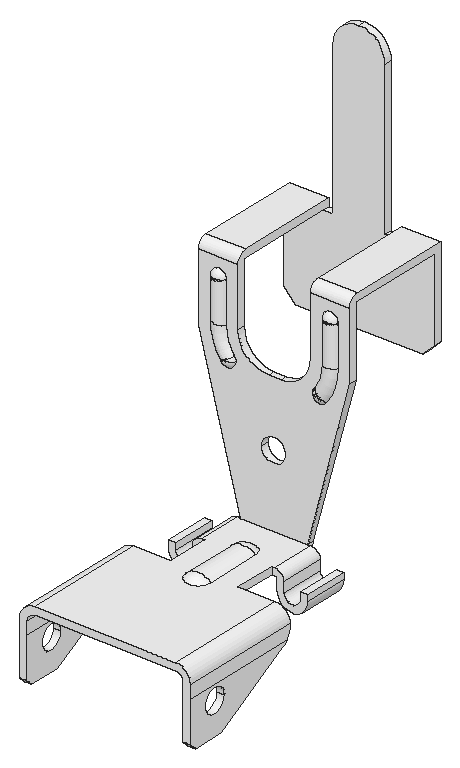
Revit family "power-sclip_ver2022", category 機械設備, Revit 2022
Family settings
  丸型コネクタ寸法 = 直径を使用
  種別 = なし
  パーツ タイプ = 標準
  作業面ベース = いいえ
  常に垂直 = はい
  ロード時にボイドで切り取り = いいえ
  注釈の向きを維持 = いいえ
  共有 = いいえ
  部屋計算ポイント = いいえ
Parameters
  製造元 = "株式会社桐井製作所"
  既定の高さ = 0 mm
  URL = "https://www.kirii.co.jp/"
  K_板厚(mm) = 1.2 mm
  K_品名 = "Power-Sクリップ"
  K_名称 = "耐震クリップ"
  K_入数 = "400"
  K_バージョン情報 = "20220131"
Reference planes
  plane 1 "中心(正面/背面)": y = 0
  plane 2: z = 0
  plane 3 "中心(左/右)": x = 0
Forms (mm)
  Extrusion 1, solid
    sketch origin (0, 30, 0) x (0, 1, 0) y (0, 0, 1)
      loop
        line (-45.6, 0) -> (-38.6, 0) -> (-31.2, 0)
        arc (-31.2, 0) -> (-30.351, 0.351) -> (-30, 1.2) r 1.2
        line (-30, 1.2) -> (-30, 39) -> (-13.6, 39) -> (-13.6, 23.4) -> (-12.4, 23.4) -> (-12.4, 40.2) -> (-29.6, 40.2)
        arc (-29.6, 40.2) -> (-30.731, 39.731) -> (-31.2, 38.6) r 1.6
        line (-31.2, 38.6) -> (-31.2, 1.2) -> (-45.6, 1.2) -> (-45.6, 0)
    from -12.5 to 12.5
  Extrusion 2, solid
    sketch origin (0, 0, 0) x (1, 0, 0) y (0, 0, 1)
      loop
        arc (11.7, 0) -> (12.549, -0.351) -> (12.9, -1.2) r 1.2
        line (12.9, -1.2) -> (12.9, -3.3) -> (12.9, -11.104) -> (14.1, -11.104) -> (14.1, -3.3) -> (14.1, -1.2)
        arc (14.1, -1.2) -> (13.397, 0.497) -> (11.7, 1.2) r 2.4
        line (11.7, 1.2) -> (-11.7, 1.2)
        arc (-11.7, 1.2) -> (-13.397, 0.497) -> (-14.1, -1.2) r 2.4
        line (-14.1, -1.2) -> (-14.1, -3.3) -> (-14.1, -11.1) -> (-12.9, -11.1) -> (-12.9, -3.3) -> (-12.9, -1.2)
        arc (-12.9, -1.2) -> (-12.549, -0.351) -> (-11.7, 0) r 1.2
        line (-11.7, 0) -> (11.7, 0)
    from 15.6 to 36.1
  Extrusion 3, void
    sketch origin (0, 0, 0) x (0, 1, 0) y (0, 0, 1)
      loop
        line (-17.163, -4.153) -> (-29.816, -11.054) -> (-15.6, -11.054) -> (-15.6, -1.519)
        arc (-15.6, -1.519) -> (-16.02, -3.05) -> (-17.163, -4.153) r 3
      loop
        line (-35.146, -11.054) -> (-36.1, -10.1) -> (-36.1, -11.054) -> (-35.146, -11.054)
    from 12.9 to 14.1
  Extrusion 4, void
    sketch origin (-27, 0, 0) x (0, 1, 0) y (0, 0, 1)
      loop
        line (-17.163, -4.153) -> (-29.908, -11.104) -> (-15.6, -11.104) -> (-15.6, -1.519)
        arc (-15.6, -1.519) -> (-16.02, -3.05) -> (-17.163, -4.153) r 3
      loop
        line (-35.087, -11.113) -> (-36.1, -10.1) -> (-36.1, -11.113) -> (-35.087, -11.113)
    from 12.9 to 14.1
  Extrusion 5, void
    sketch origin (0, 0, 0) x (1, 0, 0) y (0, 0, 1)
      loop
        line (-12.5, 27.387) -> (-12.5, 0) -> (-5.5, 0) -> (-5.5, 1.2) -> (-12.5, 27.387)
      loop
        line (12.5, 27.387) -> (5.5, 1.2) -> (5.5, 0) -> (12.5, 0) -> (12.5, 27.387)
    from 0 to 15.6
  Extrusion 6, solid
    sketch origin (0, 0, 0) x (1, 0, 0) y (0, 0, 1)
      loop
        line (-10.3, -1.95) -> (-10.3, -0.9) -> (-11.5, -0.9) -> (-11.5, -1.95)
        arc (-11.5, -1.95) -> (-8.95, -4.5) -> (-6.4, -1.95) r 2.55
        line (-6.4, -1.95) -> (-6.4, 0) -> (6.4, 0) -> (6.4, -1.95)
        arc (6.4, -1.95) -> (8.95, -4.5) -> (11.5, -1.95) r 2.55
        line (11.5, -1.95) -> (11.5, -0.9) -> (10.3, -0.9) -> (10.3, -1.95)
        arc (10.3, -1.95) -> (8.95, -3.3) -> (7.6, -1.95) r 1.35
        line (7.6, -1.95) -> (7.6, -0.4)
        arc (7.6, -0.4) -> (7.131, 0.731) -> (6, 1.2) r 1.6
        line (6, 1.2) -> (-6, 1.2)
        arc (-6, 1.2) -> (-7.131, 0.731) -> (-7.6, -0.4) r 1.6
        line (-7.6, -0.4) -> (-7.6, -1.95)
        arc (-7.6, -1.95) -> (-8.95, -3.3) -> (-10.3, -1.95) r 1.35
    from 1.2 to 8.6
  Extrusion 7, void
    sketch origin (0, 0, 0) x (0, 1, 0) y (0, 0, 1)
      loop
        circle (-31.1, -5.8) r 2
    from 12.9 to 14.1
  Extrusion 8, void
    sketch origin (-27, 0, 0) x (0, 1, 0) y (0, 0, 1)
      loop
        circle (-31.1, -5.8) r 2
    from 12.9 to 14.1
  Extrusion 9, void
    sketch origin (0, 0, 0) x (1, 0, 0) y (0, 0, 1)
      loop
        arc (-5.95, 29) -> (-4.486, 25.464) -> (-0.95, 24) r 5
        line (-0.95, 24) -> (1.05, 24)
        arc (1.05, 24) -> (4.586, 25.464) -> (6.05, 29) r 5
        line (6.05, 29) -> (6.05, 40.2) -> (-5.95, 40.2) -> (-5.95, 29)
    from -16.4 to 1.2
  Extrusion 10, solid
    sketch origin (0, -22.6, 55.4) x (1, 0, 0) y (0, 0, -1)
      loop
        line (-4.3, 17) -> (-4.3, -8.7)
        arc (-4.3, -8.7) -> (-3.041, -11.741) -> (0, -13) r 4.3
        arc (0, -13) -> (3.041, -11.741) -> (4.3, -8.7) r 4.3
        line (4.3, -8.7) -> (4.3, 17) -> (-4.3, 17)
    from 39 to 40.2
  Extrusion 11, void
    sketch origin (0, -22.6, 55.4) x (1, 0, 0) y (0, 0, -1)
      loop
        line (-12.5, 30) -> (-10.5, 32) -> (-12.5, 32) -> (-12.5, 30)
      loop
        line (12.5, 32) -> (10.5, 32) -> (12.5, 30) -> (12.5, 32)
    from 39 to 40.2
  Extrusion 12, void
    sketch origin (0, 0, 0) x (1, 0, 0) y (0, 0, 1)
      loop
        circle (0, 13.2) r 2
    from 0 to 1.2
  Extrusion 13, solid
    sketch origin (0, 0, 0) x (1, 0, 0) y (0, 0, 1)
      loop
        line (-2, 1.2) -> (2, 1.2)
        arc (2, 1.2) -> (0, 2) -> (-2, 1.2) r 2.9
    from 7.6 to 16.872
  Revolve 14, solid
    sketch origin (0, -7.6, 0) x (1, 0, 0) y (0, 0, 1)
      loop
        arc (2, 1.2) -> (1.077, 1.793) -> (0, 2) r 2.9
        line (0, 2) -> (0, 1.2) -> (2, 1.2)
      axis (0, 2) -> (0, 1)
    angle from 0 to 360
  Revolve 15, solid
    sketch origin (0, -16.872, 0) x (1, 0, 0) y (0, 0, -1)
      loop
        line (2, -1.2) -> (0, -1.2) -> (0, -2)
        arc (0, -2) -> (1.077, -1.793) -> (2, -1.2) r 2.9
      axis (0, -2) -> (0, -1)
    angle from 0 to 360
  Sweep 16, solid
    path in 3D
      loop
        arc (-7.6, -1.2, 24.118) -> (-8.79, -1.2, 26.431) -> (-9.2, -1.2, 29) r 8.25
        line (-9.2, -1.2, 29) -> (-9.2, -1.2, 35.75)
    profile origin (-9.2, -1.2, 32.375) x (1, 0, 0) y (0, 1, 0)
      loop
        arc (-1.248, 0) -> (0, -0.8) -> (1.248, 0) r 1.373
        line (1.248, 0) -> (-1.248, 0)
  Sweep 17, solid
    path in 3D
      loop
        arc (7.702, -1.2, 24.118) -> (8.892, -1.2, 26.431) -> (9.302, -1.2, 29) r 8.25
        line (9.302, -1.2, 29) -> (9.302, -1.2, 35.75)
    profile origin (9.302, -1.2, 32.375) x (1, 0, 0) y (0, 1, 0)
      loop
        line (1.248, 0) -> (-1.248, 0)
        arc (-1.248, 0) -> (0, -0.8) -> (1.248, 0) r 1.373
  Revolve 18, solid
    sketch origin (1.6, 0, 24.118) x (1, 0, 0) y (0, 1, 0)
      loop
        line (-9.2, -2) -> (-9.2, -1.2) -> (-10.448, -1.2)
        arc (-10.448, -1.2) -> (-9.941, -1.783) -> (-9.2, -2) r 1.373
      axis (-9.2, -1.2) -> (-9.2, -2.2)
    angle from 0 to 360
  Revolve 19, solid
    sketch origin (0.102, 0, 35.75) x (-1, 0, 0) y (0, -1, 0)
      loop
        arc (-9.2, 2) -> (-9.941, 1.783) -> (-10.448, 1.2) r 1.373
        line (-10.448, 1.2) -> (-9.2, 1.2) -> (-9.2, 2)
      axis (-9.2, 1.2) -> (-9.2, 2.2)
    angle from 0 to 360
  Revolve 20, solid
    sketch origin (-1.498, 0, 24.118) x (-1, 0, 0) y (0, -1, 0)
      loop
        arc (-9.2, 2) -> (-9.941, 1.783) -> (-10.448, 1.2) r 1.373
        line (-10.448, 1.2) -> (-9.2, 1.2) -> (-9.2, 2)
      axis (-9.2, 1.2) -> (-9.2, 2.2)
    angle from 0 to 360
  Extrusion 21, void
    sketch origin (0, 0, 0) x (1, 0, 0) y (0, 0, 1)
      loop
        line (-5.95, 40.2) -> (-5.95, 39.006) -> (-4.301, 39.006) -> (-4.301, 40.2) -> (-5.95, 40.2)
      loop
        line (4.3, 40.2) -> (4.3, 39.006) -> (6.049, 39.006) -> (6.049, 40.2) -> (4.3, 40.2)
    from -17.6 to -16.4
  Revolve 22, solid
    sketch origin (0, 0, 35.75) x (1, 0, 0) y (0, 1, 0)
      loop
        line (-9.2, -2) -> (-9.2, -1.2) -> (-10.448, -1.2)
        arc (-10.448, -1.2) -> (-9.941, -1.783) -> (-9.2, -2) r 1.373
      axis (-9.2, -1.2) -> (-9.2, -2.2)
    angle from 0 to 360
Cuts and joins
  Extrusion 5, Extrusion 7, Extrusion 8, Extrusion 9, Extrusion 11, Extrusion 12, Extrusion 21 cuts Extrusion 1
  Extrusion 3, Extrusion 4, Extrusion 7, Extrusion 8, Extrusion 11, Extrusion 12, Extrusion 21 cuts Extrusion 2
  Extrusion 7, Extrusion 8, Extrusion 11, Extrusion 12, Extrusion 21 cuts Extrusion 6
  Extrusion 11, Extrusion 12, Extrusion 21 cuts Extrusion 10
  joined: Extrusion 1, Extrusion 2, Extrusion 6, Extrusion 10
  joined: Extrusion 13, Revolve 14, Revolve 15
  joined: Sweep 16, Sweep 17
Lines and regions (mm)
  sketch lines
    curve 1: line (-9.2, -1.2, 29) -> (-9.2, -1.2, 35.75)
    curve 2: arc (-7.6, -1.2, 24.118) -> (-8.79, -1.2, 26.431) -> (-9.2, -1.2, 29) r 8.25
    curve 3: line (9.302, -1.2, 29) -> (9.302, -1.2, 35.75)
    curve 4: arc (7.702, -1.2, 24.118) -> (8.892, -1.2, 26.431) -> (9.302, -1.2, 29) r 8.25
Dimensions and locks
  aligned and locked: level to plane 2
